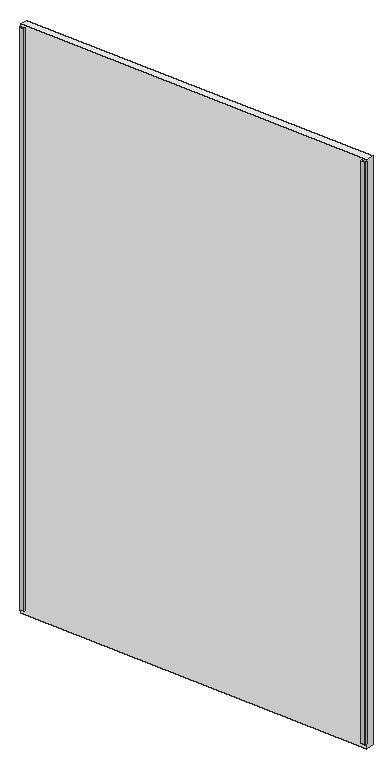
Revit family "Work_Tools-Teknion-AFWW_Focus_Wall_Whiteboard-R2019", category Furniture, Revit 2019
Family settings
  OmniClass Number = 23.40.20.00
  OmniClass Title = General Furniture and Specialties
  Work Plane-Based = No
  Always vertical = Yes
  Cut with Voids When Loaded = No
  Shared = Yes
  Room Calculation Point = No
Parameters (values of type "42" Height")
  Width [instance] = 24.000"
  Warranty = "http://www.teknion.com/ca/papers/legal-canada"
  Unit Weight URL = "http://www.teknion.com/ca/tools/assets#&asset=bee6a381-b954-425e-8283-5a2de3a804f2,f828d448-4b62-4231-9e5f-9a8991c0ed77"
  URL = "www.teknion.com"
  Two Panel [instance] = and(100.000" < Width, Width < 195.000")  # no
  To render please download texture images found here [instance] = "https://assets.teknion.com/web/5e81352c1dfdb467/revit-material-swatches/"
  Three Panel [instance] = 195.000" < Width  # no
  Sustainability Data = "https://www.teknion.com/ca/tools/assets#&topic=216f99a5-57a0-44fc-b10a-9dee9b29ae4c&asset=444deb64-fe58-4b68-981e-f75e97781df7,b4ff2d81-9f2e-437d-9659-7cffb09c31cf"
  Series = "Tables & Collaborative Spaces"  # constant formula
  Right End Linking Strip [instance] = yes
  Product Page URL = "https://www.teknion.com/ca/products/product-details?productLineId=0191336e-8e7a-673b-a6c8-ff00004460c4"
  Product Line = "Tables & Collaborative Spaces"  # constant formula
  Product Documentation Link = "https://www.teknion.com/pricing/tables/pdfs/AFWW_ppg.pdf"
  Part Number = "AFWW"  # constant formula
  One Panel [instance] = Width < 100.000"  # yes
  Model = "AFWW42"
  Manufacturer Phone = "416-661-3370"  # constant formula
  Manufacturer Fax = "416.661.4586"  # constant formula
  Manufacturer Contact Information = "http://www.teknion.com/ca/contactus"
  Manufacturer Address = "1150 Flint Road, Toronto, ON. M3J 2J5. Canada"  # constant formula
  Manufacturer = "Teknion"  # constant formula
  Left End Linking Strip [instance] = yes
  How To Use Teknion Materials User Guide [instance] = "https://assets.teknion.com/m/205dd0a49fa58060/original/How-to-add-a-Material-Library-and-Texture-Images-to-your-Revit-project.pdf"
  Height = 69.61614"
  For Additional Finishes please visit [instance] = "https://assets.teknion.com/m/44a8009b046e5d47/original/Teknion_Materials_Library.zip"
  Description = "Focus Wall Whiteboard, 42\" Height"
  Connection Node Visibility [instance] = yes
  Available Heights [instance] = "24\", 30\", 36\", 42\", 48\", 54\", 60\", 66\", 72\", 78\", 84\", 90\", 96\", 102\", 108\", 114\", 120\", 126\", 132\", 138\", 144\", 150\", 156\", 162\", 168\", 174\", 180\", 186\", 192\", 198\", 204\", 210\", 216\", 222\", 228\", 234\", or 240\""  # constant formula
  Assembly Code = "E2020200"
Types (3): name | Model | Height | Description
  (no name) | "AFWW42" | 69.61614" | "Focus Wall Whiteboard, 42\" Height"
  42" Height | "AFWW42" | 69.61614" | "Focus Wall Whiteboard, 42\" Height"
  48" Height | "AFWW48___" | 75.616" | "Focus Wall Whiteboard, 48\" Height"
Reference planes (in)
  plane 1 "Center Front/Back": y = 0.0495
  plane 2: z = 0
  plane 3 "Center Left/Right": x = 0
  plane 4 "Left": x = -12
  plane 5 "Right": x = 12
  plane 6 "Back": y = 0.9255
  plane 7 "Front": y = -0.8265
  plane 8 "Top": z = 69.61614
Forms (in)
  Sweep 1, solid, material "Metal - Teknion - AC - Clear Anodized", visible <- "Left End Linking Strip"
    path origin (0, 0.0495, 0) x (1, 0, 0) y (0, 0, 1)
      loop
        line (0, 33.2559) -> (0, 69.49409)
    profile origin (0, 0.0495, 51.375) x (-1, 0, 0) y (0, -1, 0)
      loop
        line (11.69488, 0.79749) -> (12, 0.79749) -> (12, 0.85654) -> (11.97047, 0.87623) -> (11.69488, 0.87623) -> (11.69488, 0.79749)
  Sweep 2, solid, material "Metal - Teknion - AC - Clear Anodized", visible <- "Right End Linking Strip"
    path origin (0, 0.0495, 0) x (1, 0, 0) y (0, 0, 1)
      loop
        line (0, 69.49409) -> (0, 33.2559)
    profile origin (0, 0.0495, 51.375) x (0, -1, 0) y (1, 0, 0)
      loop
        line (0.85654, 12) -> (0.79749, 12) -> (0.79749, 11.69488) -> (0.87623, 11.69488) -> (0.87623, 11.97047) -> (0.85654, 12)
  Sweep 3, solid, material "Metal-Teknion-WZ-Whiteboard"
    path origin (0, 0.0495, 0) x (1, 0, 0) y (0, 0, 1)
      loop
        line (0, 33) -> (0, 69.61614)
    profile origin (0, 0.0495, 51.30807) x (-1, 0, 0) y (0, -1, 0)
      loop
        line (12, 0.253) -> (12, 0.79749) -> (-12, 0.79749) -> (-12, 0.253) -> (12, 0.253)
  Sweep 4, solid, material "Metal - Teknion - AC - Clear Anodized", visible <- "Two Panel"
    path origin (0, 0.0495, 0) x (1, 0, 0) y (0, 0, 1)
      loop
        line (0, 69.49409) -> (0, 33.2559)
    profile origin (0, 0.0495, 51.375) x (0, -1, 0) y (1, 0, 0)
      loop
        line (0.79749, 0.305) -> (0.79749, -0.30524) -> (0.876, -0.30524) -> (0.876, -0.02919) -> (0.85654, 0) -> (0.876, 0.02919) -> (0.876, 0.305) -> (0.79749, 0.305)
  Sweep 5, solid, material "Metal - Teknion - AC - Clear Anodized", visible <- "Three Panel"
    path origin (0, 0.0495, 0) x (1, 0, 0) y (0, 0, 1)
      loop
        line (0, 33.2559) -> (0, 69.49409)
    profile origin (0, 0.0495, 51.375) x (-1, 0, 0) y (0, -1, 0)
      loop
        line (47.695, 0.79749) -> (48.30524, 0.79749) -> (48.30524, 0.876) -> (48.02919, 0.876) -> (48, 0.85654) -> (47.97081, 0.876) -> (47.695, 0.876) -> (47.695, 0.79749)
      loop
        line (-48.305, 0.79749) -> (-47.69476, 0.79749) -> (-47.69476, 0.876) -> (-47.97081, 0.876) -> (-48, 0.85654) -> (-48.02919, 0.876) -> (-48.305, 0.876) -> (-48.305, 0.79749)
Lines and regions (in)
  Masking region 1
    outline origin (0, 0, 0) x (1, 0, 0) y (0, 1, 0)
      loop
        line (12, -0.2035) -> (-12, -0.2035) -> (-12, -0.74799) -> (12, -0.74799) -> (12, -0.2035)
  Masking region 2, visible <- "Left End Linking Strip"
    outline origin (0, 0, 0) x (1, 0, 0) y (0, 1, 0)
      loop
        line (-11.69488, -0.8265) -> (-11.69488, -0.74799) -> (-12, -0.74799) -> (-12, -0.80704) -> (-11.97081, -0.8265) -> (-11.69488, -0.8265)
  Masking region 3, visible <- "Right End Linking Strip"
    outline origin (0, 0, 0) x (1, 0, 0) y (0, 1, 0)
      loop
        line (11.69488, -0.74799) -> (11.69488, -0.82673) -> (11.97047, -0.82673) -> (12, -0.80704) -> (12, -0.74799) -> (11.69488, -0.74799)
  Masking region 4, visible <- "Two Panel"
    outline origin (0, 0, 0) x (1, 0, 0) y (0, 1, 0)
      loop
        line (-0.30524, -0.8265) -> (-0.02919, -0.8265) -> (0, -0.80704) -> (0.02919, -0.8265) -> (0.305, -0.8265) -> (0.305, -0.74799) -> (-0.30524, -0.74799) -> (-0.30524, -0.8265)
  Masking region 5, visible <- "Three Panel"
    outline origin (0, 0, 0) x (1, 0, 0) y (0, 1, 0)
      loop
        line (-47.695, -0.74799) -> (-48.30524, -0.74799) -> (-48.30524, -0.8265) -> (-48.02919, -0.8265) -> (-48, -0.80704) -> (-47.97081, -0.8265) -> (-47.695, -0.8265) -> (-47.695, -0.74799)
      loop
        line (48.305, -0.74799) -> (47.69476, -0.74799) -> (47.69476, -0.8265) -> (47.97081, -0.8265) -> (48, -0.80704) -> (48.02919, -0.8265) -> (48.305, -0.8265) -> (48.305, -0.74799)
  reference lines
    curve 1: line (-12, 0.9255, 0) -> (-12, -0.8265, 0)
    curve 2: line (12, 0.9255, 0) -> (12, -0.8265, 0)
Dimensions and locks (in)
  "Width": plane 4 "Left" to plane 5 "Right"
  locked: plane 6 "Back" to plane 7 "Front" at 1.752
  "Height": plane 8 "Top" to level
  equal spacing: plane 6 "Back", plane 1 "Center Front/Back", plane 7 "Front"
  equal spacing: plane 4 "Left", plane 3 "Center Left/Right", plane 5 "Right"
  locked: plane 8 "Top" to Sweep 1 sketch curve at 0.12205
  locked: Sweep 1 sketch curve to level at 33.2559
  plane 4 "Left" to Sweep 1 sketch curve to Sweep 1 sketch curve to Sweep 1 sketch curve = 0.000" locked, 0.02953" locked, 0.27559" locked
  Sweep 1 sketch curve to plane 7 "Front" to Sweep 1 sketch curve to Sweep 1 sketch curve = 0.00023" locked, 0.01946" locked, 0.05906" locked
  locked: plane 8 "Top" to Sweep 2 sketch curve at 0.12205
  locked: Sweep 2 sketch curve to level at 33.2559
  Sweep 2 sketch curve to Sweep 2 sketch curve to plane 5 "Right" to Sweep 2 sketch curve = 0.27559" locked, 0.02953" locked, 0.000" locked
  Sweep 2 sketch curve to plane 7 "Front" to Sweep 2 sketch curve to Sweep 2 sketch curve = 0.00023" locked, 0.01946" locked, 0.05906" locked
  locked: Sweep 3 sketch curve to level at 33
  plane 7 "Front" to Sweep 3 sketch curve to Sweep 3 sketch curve = 0.07851" locked, 0.54449" locked
  locked: Sweep 4 sketch curve to level at 33.2559
  locked: plane 8 "Top" to Sweep 4 sketch curve at 0.12205
  Sweep 4 sketch curve to Sweep 4 sketch curve to Sweep 4 sketch curve to plane 3 "Center Left/Right" to Sweep 4 sketch curve to Sweep 4 sketch curve = 0.27605" locked, 0.02919" locked, 0.000" locked, 0.02919" locked, 0.27581" locked
  plane 7 "Front" to Sweep 4 sketch curve to Sweep 4 sketch curve to Sweep 4 sketch curve to Sweep 4 sketch curve = 0.000" locked, 0.000" locked, 0.01946" locked, 0.05906" locked
  locked: plane 8 "Top" to Sweep 5 sketch curve at 0.12205
  locked: Sweep 5 sketch curve to level at 33.2559
  Sweep 5 sketch curve to Sweep 5 sketch curve to Sweep 5 sketch curve to Sweep 5 sketch curve to Sweep 5 sketch curve to plane 3 "Center Left/Right" = 0.27605" locked, 0.02919" locked, 0.02919" locked, 0.27581" locked, 47.695" locked
  Sweep 5 sketch curve to Sweep 5 sketch curve to plane 7 "Front" to Sweep 5 sketch curve to Sweep 5 sketch curve = 0.000" locked, 0.000" locked, 0.01946" locked, 0.05906" locked  (x2)
  plane 3 "Center Left/Right" to Sweep 5 sketch curve to Sweep 5 sketch curve to Sweep 5 sketch curve to Sweep 5 sketch curve to Sweep 5 sketch curve = 47.69476" locked, 0.27605" locked, 0.02919" locked, 0.02919" locked, 0.27581" locked
  aligned and locked: level to plane 2
  aligned and locked: nested 1 to plane 4 "Left"
  aligned and locked: nested 1 to plane 6 "Back"
  aligned and locked: nested 2 to plane 5 "Right"
  aligned and locked: nested 2 to plane 6 "Back"
  aligned and locked: plane 3 "Center Left/Right" to Sweep 1 sketch curve
  aligned and locked: Sweep 2 sketch curve to plane 3 "Center Left/Right"
  aligned and locked: plane 8 "Top" to Sweep 3 sketch curve
  aligned and locked: plane 3 "Center Left/Right" to Sweep 3 sketch curve
  aligned and locked: plane 4 "Left" to Sweep 3 sketch curve
  aligned and locked: plane 5 "Right" to Sweep 3 sketch curve
  aligned and locked: Sweep 4 sketch curve to plane 3 "Center Left/Right"
  aligned and locked: plane 3 "Center Left/Right" to Sweep 5 sketch curve
  aligned and locked: curve 1 to plane 4 "Left"
  aligned and locked: curve 2 to plane 5 "Right"
  aligned and locked: Masking region 1 sketch curve to Sweep 3  (x4)
  aligned and locked: Masking region 2 sketch curve to Sweep 1  (x3)
  aligned and locked: plane 7 "Front" to Masking region 2 sketch curve
  aligned and locked: Sweep 1 to Masking region 2 sketch curve
  aligned and locked: Masking region 3 sketch curve to Sweep 2  (x5)
  aligned and locked: Masking region 4 sketch curve to Sweep 4  (x7)
  aligned and locked: Masking region 5 sketch curve to Sweep 5  (x14)
Automatic sketch dimensions
  curve 1 to plane 7 "Front" = 0.000"
  curve 1 to plane 6 "Back" = 0.000"
  plane 7 "Front" to curve 2 = 0.000"
  curve 2 to plane 6 "Back" = 0.000"
Nested families (in)
  nested 1: "Teknion_2D_Node_Family-R2016" at (-12, 0.9255, 0), visible <- "Connection Node Visibility", type "Teknion_2D_Node_Family-R2016"
  nested 2: "Teknion_2D_Node_Family-R2016" at (12, 0.9255, 0), visible <- "Connection Node Visibility", type "Teknion_2D_Node_Family-R2016"
Definition of nested family "Teknion_2D_Node_Family-R2016"
  Reference planes (in)
    plane 1 "Center (Front/Back)": y = 0
    plane 2: z = 0
    plane 3 "Center (Left/Right)": x = 0
  Lines and regions (in)
    detail lines, in view "Ref. Level"
      curve 1: circle (0, 0, 0) r 1.25 normal (0, 0, 1)
      curve 2: line (1.91508, -1.91508, 0) -> (-1.91508, 1.91508, 0)
      curve 3: line (-1.91508, -1.91508, 0) -> (1.91508, 1.91508, 0)
